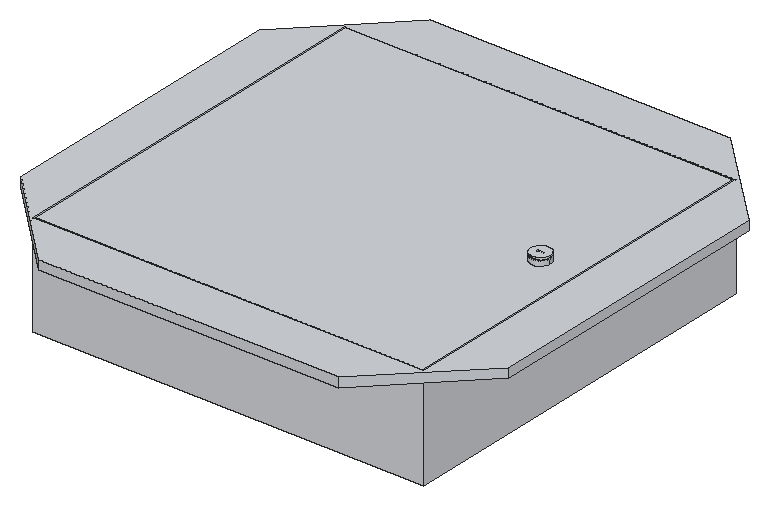
Revit family "MPFR-DW", category Generic Models, host Face, Revit 2026
Family settings
  Host = Face
  Can host rebar = No
  Round Connector Dimension = Use Diameter
  Part Type = Normal
  Cut with Voids When Loaded = No
  Maintain Annotation Orientation = No
  Shared = No
  Room Calculation Point = No
Parameters (values of type "MFRU-10” x 10”")
  Width = 0' - 10"
  URL = "WWW.MIFAB.COM"
  Model = "MPFR-DW"
  Material = none
  Manufacturer = "MIFAB"
  Height = 0' - 10"
  Description = "INSULATED FIRE RATED ACCESS DOOR W/ DRYWALL BEAD FRAME"
  Default Elevation = 4' - 0"
Types (19): name | Width | Height
  (no name) | 0' - 10" | 0' - 10"
  MFRU-12” x 12” | 1' - 0" | 1' - 0"
  MFRU-8” x 8” | 0' - 8" | 0' - 8"
  MFRU-10” x 10” | 0' - 10" | 0' - 10"
  MFRU-12” x 18” | 1' - 0" | 1' - 6"
  MFRU-12” x 24” | 1' - 0" | 2' - 0"
  MFRU-14” x 14” | 1' - 2" | 1' - 2"
  MFRU-16” x 16” | 1' - 4" | 1' - 4"
  MFRU-18” x 18” | 1' - 6" | 1' - 6"
  MFRU-20” x 20” | 1' - 8" | 1' - 8"
  MFRU-22” x 22” | 1' - 10" | 1' - 10"
  MFRU-22” x 30” | 1' - 10" | 2' - 6"
  MFRU-24” x 24” | 2' - 0" | 2' - 0"
  MFRU-24” x 36” | 2' - 0" | 3' - 0"
  MFRU-24” x 48” | 2' - 0" | 4' - 0"
  MFRU-30” x 30” | 2' - 6" | 2' - 6"
  MFRU-32” x 32” | 2' - 8" | 2' - 8"
  MFRU-36” x 36” | 3' - 0" | 3' - 0"
  MFRU-36” x 48” | 3' - 0" | 4' - 0"
Reference planes (in)
  plane 1 "Center (Front/Back)": y = 0
  plane 2: z = 0
  plane 3 "Center (Left/Right)": x = 0
  plane 4: x = -5
  plane 5: x = 5
  plane 6: y = 5
  plane 7: y = -5
  plane 8: x = -6.25
  plane 9: x = 6.25
  plane 10: y = -6.25
  plane 11: y = 6.25
  plane 12: z = -3.76378
  plane 13: z = 0.23622
  plane 14: z = 0.10148
  plane 15: z = -2.38878
  plane 16: y = 4.95605
  plane 17: y = -4.96063
  plane 18: x = -4.96063
  plane 19: x = 4.96063
  plane 20: z = -1.76378
  plane 21: y = 3.84034
  plane 22: x = -3.84034
Forms (in)
  Extrusion 1, solid, material <- "Material"
    sketch origin (0, 0, 0) x (1, 0, 0) y (0, 1, 0)
      loop
        line (-5, 5) -> (-5, -5) -> (5, -5) -> (5, 5) -> (-5, 5)
      loop
        line (4.96063, 4.95605) -> (-4.96063, 4.95605) -> (-4.96063, -4.96063) -> (4.96063, -4.96063) -> (4.96063, 4.95605)
    from -2.38878 to 0
  Extrusion 2, void
    sketch origin (0, 0, 0) x (1, 0, 0) y (0, 1, 0)
      loop
        line (-5.25, 4.84034) -> (-5.25, -4.84034) -> (-4.84034, -5.25) -> (4.84034, -5.25) -> (5.25, -4.84034) -> (5.25, 4.84034) -> (4.84034, 5.25) -> (-4.84034, 5.25) -> (-5.25, 4.84034)
    from -2.38878 to 0.23622
  Extrusion 3, solid, material <- "Material"
    sketch origin (0, 0, 0) x (1, 0, 0) y (0, 1, 0)
      loop
        line (-4.96063, 4.95605) -> (-4.96063, -4.96063) -> (4.96063, -4.96063) -> (4.96063, 4.95605) -> (-4.96063, 4.95605)
    from -1.76378 to 0.23622
  Extrusion 4, solid, material <- "Material"
    sketch origin (0, 0, 0) x (1, 0, 0) y (0, 1, 0)
      loop
        line (-5, 5) -> (-5, -5) -> (5, -5) -> (5, 5) -> (-5, 5)
      loop
        line (6.25, 3.84034) -> (3.84034, 6.25) -> (-3.84034, 6.25) -> (-6.25, 3.84034) -> (-6.25, -3.84034) -> (-3.84034, -6.25) -> (3.84034, -6.25) -> (6.25, -3.84034) -> (6.25, 3.84034)
    from 0 to 0.23622
Dimensions and locks (in)
  equal spacing: plane 7, plane 1 "Center (Front/Back)", plane 6
  locked: plane 11 to plane 6 at 1.25
  locked: plane 7 to plane 10 at 1.25
  "Height": plane 7 to plane 6
  equal spacing: plane 4, plane 3 "Center (Left/Right)", plane 5
  "Width": plane 4 to plane 5
  locked: plane 8 to plane 4 at 1.25
  locked: plane 5 to plane 9 at 1.25
  locked: plane 7 to Extrusion 1 sketch curve at 0.03937
  locked: plane 6 to Extrusion 1 sketch curve at 0.04395
  locked: Extrusion 1 sketch curve to plane 5 at 0.03937
  locked: plane 4 to Extrusion 1 sketch curve at 0.03937
  locked: plane 13 to plane 2 at 0.23622
  locked: plane 13 to plane 14 at 0.13474
  locked: plane 13 to plane 15 at 2.625
  locked: plane 6 to plane 16 at 0.04395
  locked: plane 7 to plane 17 at 0.03937
  locked: plane 4 to plane 18 at 0.03937
  locked: plane 19 to plane 5 at 0.03937
  locked: Extrusion 4 to plane 20 at 2
  locked: Extrusion 2 sketch curve to plane 4 at 0.25
  locked: Extrusion 2 sketch curve to plane 6 at 0.25
  locked: Extrusion 2 sketch curve to plane 7 at 0.25
  locked: plane 5 to Extrusion 2 sketch curve at 0.25
  locked: Extrusion 4 to plane 15 at 2.625
  locked: plane 21 to plane 11 at 2.40966
  locked: plane 8 to plane 22 at 2.40966
  locked: nested 1 to plane 5 at 1
  aligned and locked: plane 2 to host face
  aligned and locked: level to host face
  aligned and locked: Extrusion 1 sketch curve to plane 4
  aligned and locked: Extrusion 1 sketch curve to plane 6
  aligned and locked: plane 5 to Extrusion 1 sketch curve
  aligned and locked: plane 7 to Extrusion 1 sketch curve
  aligned and locked: Extrusion 4 sketch curve to plane 4
  aligned and locked: plane 5 to Extrusion 4 sketch curve
  aligned and locked: plane 7 to Extrusion 4 sketch curve
  aligned and locked: Extrusion 4 sketch curve to plane 6
  aligned and locked: plane 9 to Extrusion 4 sketch curve
  aligned and locked: Extrusion 4 sketch curve to plane 8
  aligned and locked: Extrusion 4 sketch curve to plane 10
  aligned and locked: Extrusion 4 to plane 2
  aligned and locked: plane 13 to Extrusion 4
  aligned and locked: level to Extrusion 1
  aligned and locked: Extrusion 1 to plane 15
  aligned and locked: plane 19 to Extrusion 3 sketch curve
  aligned and locked: Extrusion 3 sketch curve to plane 16
  aligned and locked: Extrusion 3 sketch curve to plane 18
  aligned and locked: plane 17 to Extrusion 3 sketch curve
  aligned and locked: Extrusion 2 to Extrusion 1
  aligned and locked: plane 13 to Extrusion 2
  aligned and locked: Extrusion 3 to plane 20
  aligned and locked: plane 13 to Extrusion 3
  aligned and locked: plane 21 to Extrusion 4 sketch curve
  aligned and locked: plane 22 to Extrusion 4 sketch curve
  aligned and locked: plane 11 to Extrusion 4 sketch curve
  aligned and locked: Extrusion 4 to Extrusion 2 sketch curve  (x4)
  aligned and locked: plane 1 "Center (Front/Back)" to nested 1
Automatic sketch dimensions
  host sketch curve to host sketch curve = 4' - 4.54657"
  host sketch curve to host sketch curve = 5' - 6.47963"
  plane 4 to Extrusion 4 sketch curve = 0' - 1.15966"
  Extrusion 4 sketch curve to plane 7 = 0' - 1.15966"  (x2)
  plane 5 to Extrusion 4 sketch curve = 0' - 1.15966"  (x2)
  Extrusion 4 sketch curve to plane 6 = 0' - 1.15966"
Nested families (in)
  nested 1: "Handle-1" at (4, 0, 0.23622), type "Handle-1"
Definition of nested family "Handle-1"
  Parameters (values of type "Handle-1")
    Material = none
    Default Elevation = 4' - 0"
  Reference planes (in)
    plane 1 "Center (Front/Back)": y = 0
    plane 2: z = 0
    plane 3 "Center (Left/Right)": x = 0
    plane 4: z = 0.46152
  Forms (in)
    Extrusion 1, solid
      sketch origin (0, 0, 0) x (1, 0, 0) y (0, 1, 0)
        loop
          line (-48, 48) -> (-48, -48) -> (48, -48) -> (48, 48) -> (-48, 48)
      from 0 to -12
    Revolve 2, solid
      sketch origin (0, 0, 0) x (1, 0, 0) y (0, 0, 1)
        loop
          line (0, 0) -> (0.25, 0) -> (0.25, 0.12907)
          arc (0.25, 0.12907) -> (0.24341, 0.14499) -> (0.22749, 0.15158) r 0.02251
          line (0.22749, 0.15158) -> (0, 0.15158) -> (0, 0)
        axis (0, 0) -> (0, 0.15158)
      angle from 0 to 360
    Extrusion 3, solid
      sketch origin (-3.78692, 0, -0.49918) x (1, 0, 0) y (0, 1, 0)
        loop
          circle (3.78692, 0) r 0.25
        loop
          line (3.70895, 0.01538) -> (3.70895, -0.01537) -> (3.86488, -0.01537) -> (3.86488, 0.01538) -> (3.70895, 0.01538)
      from 0.64964 to 0.6877
  Dimensions and locks (in)
    aligned and locked: plane 2 to Extrusion 1
    aligned and locked: level to Extrusion 1
